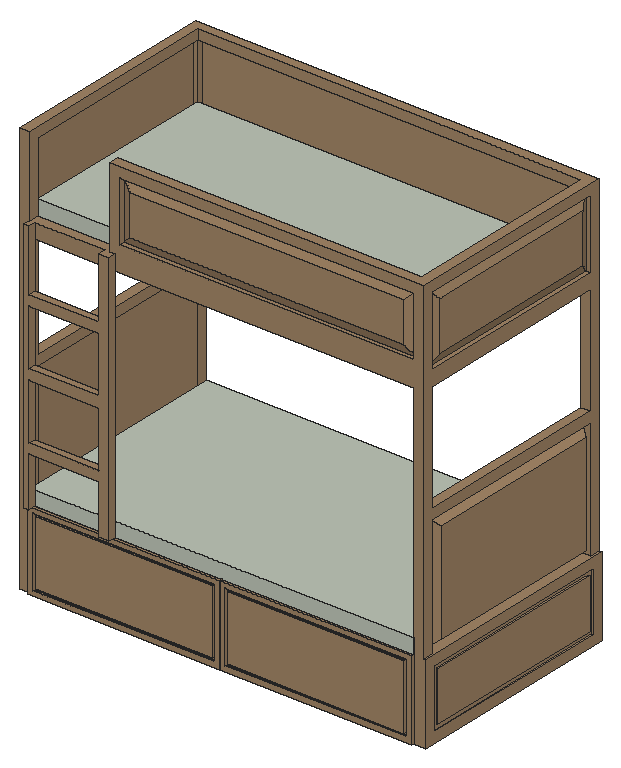
Revit family
Parameters
  SmartBIM Object Version = 3  # constant formula
  Top Bunk Level = 48"
  Subcategory = "Bed - Residential\r\n"
  SmartBIM Object Created By = "Reed Construction Data"  # constant formula
  Manufacturer = ""
  Ladder Width = 18"
  Mattress = Textile, White
  Bed = Wood, Mahogany
  Width = 81"
  Bottom Bunk Height = 16"
  Depth = 44"
  Assembly Code = "E2020200"
  95 CSI = "12450"
  04 CSI = "12 58 29"
Reference planes (in)
  plane 1 "Center (Front/Back)": y = 0
  plane 2: z = 0
  plane 3 "Center (Left/Right)": x = 0
  plane 4: x = -40.5
  plane 5: y = 22
  plane 6: x = 40.5
  plane 7: y = -22
  plane 8: z = 16
  plane 9: x = -22.5
  plane 10: z = 8
  plane 11: x = -38.5
  plane 12: x = 38.5
  plane 13: y = 20
  plane 14: y = -20
  plane 15: y = -22.5
  plane 16: x = 41
  plane 17: z = 64
  plane 18: z = 83
  plane 19: z = 67
  plane 20: z = 40.33333
  plane 21: z = 53.66667
  plane 22: z = 27
  plane 23: x = 38.5
  plane 24: z = 27
  plane 25: z = 40
Forms (in)
  Extrusion 1, solid, material "Wood, Mahogany" <- "Bed"
    sketch origin (0, 0, 0) x (1, 0, 0) y (0, 1, 0)
      loop
        line (-40.5, 22) -> (-40.5, 20) -> (-38.5, 20) -> (-38.5, 22) -> (-40.5, 22)
      loop
        line (-40.5, -22) -> (-38.5, -22) -> (-38.5, -20) -> (-40.5, -20) -> (-40.5, -22)
      loop
        line (38.5, -22) -> (40.5, -22) -> (40.5, -20) -> (38.5, -20) -> (38.5, -22)
      loop
        line (38.5, 22) -> (38.5, 20) -> (40.5, 20) -> (40.5, 22) -> (38.5, 22)
    from 0 to 83
  Extrusion 2, solid, material "Wood, Mahogany" <- "Bed"
    sketch origin (0, 0, 0) x (1, 0, 0) y (0, 1, 0)
      loop
        line (-38.5, 22) -> (-38.5, 20) -> (-40.5, 20) -> (-40.5, -20) -> (-38.5, -20) -> (-38.5, -22) -> (38.5, -22) -> (38.5, -20) -> (40.5, -20) -> (40.5, 20) -> (38.5, 20) -> (38.5, 22) -> (-38.5, 22)
    from 0 to 16
  Extrusion 3, solid, material "Wood, Mahogany" <- "Bed"
    sketch origin (1, -180, 18) x (0, 0, 1) y (0, -1, 0)
      loop
        line (-2, -202) -> (-2, -158) -> (-18, -158) -> (-18, -202) -> (-2, -202)
      loop
        line (-16, -200) -> (-4, -200) -> (-4, -160) -> (-16, -160) -> (-16, -200)
    from 40 to 37.5
  Extrusion 4, solid, material "Wood, Mahogany" <- "Bed"
    sketch origin (17.5, -180, 18) x (0, 0, 1) y (0, -1, 0)
      loop
        line (-5, -199) -> (-5, -161) -> (-15, -161) -> (-15, -199) -> (-5, -199)
    from 22.5 to 23.5
  Extrusion 5, solid, material "Textile, White" <- "Mattress"
    sketch origin (0, 0, 0) x (1, 0, 0) y (0, 1, 0)
      loop
        line (-38.5, 22) -> (-38.5, -22) -> (38.5, -22) -> (38.5, 22) -> (-38.5, 22)
    from 16 to 19
  Extrusion 6, solid, material "Wood, Mahogany" <- "Bed"
    sketch origin (0, 0, 0) x (1, 0, 0) y (0, 1, 0)
      loop
        line (-40.5, 22) -> (-40.5, -22) -> (40.5, -22) -> (40.5, 22) -> (-40.5, 22)
    from 64 to 67
  Extrusion 7, solid, material "Textile, White" <- "Mattress"
    sketch origin (0, 0, 32) x (1, 0, 0) y (0, 1, 0)
      loop
        line (-38.5, -20) -> (38.5, -20) -> (38.5, 20) -> (-38.5, 20) -> (-38.5, -20)
    from 35 to 38
  Extrusion 8, solid, material "Wood, Mahogany" <- "Bed"
    sketch origin (-30.98761, -22, 48) x (-1, 0, 0) y (0, 0, -1)
      loop
        line (9.51239, 8) -> (7.51239, 8) -> (7.51239, 6) -> (9.51239, 6) -> (9.51239, 8)
      loop
        line (-71.48761, 8) -> (-71.48761, 6) -> (-69.48761, 6) -> (-69.48761, 8) -> (-71.48761, 8)
    from -44 to 0
  Extrusion 9, solid, material "Wood, Mahogany" <- "Bed"
    sketch origin (-30.98761, -22, 48) x (-1, 0, 0) y (0, 0, -1)
      loop
        line (9.51239, -35) -> (9.51239, -33) -> (7.51239, -33) -> (7.51239, -35) -> (9.51239, -35)
      loop
        line (-71.48761, -35) -> (-69.48761, -35) -> (-69.48761, -33) -> (-71.48761, -33) -> (-71.48761, -35)
    from -42 to -2
  Extrusion 10, solid, material "Wood, Mahogany" <- "Bed"
    sketch origin (-30.98761, -22, 48) x (-1, 0, 0) y (0, 0, -1)
      loop
        line (-8.48761, -19) -> (-71.48761, -19) -> (-71.48761, -35) -> (-8.48761, -35) -> (-8.48761, -19)
      loop
        line (-10.48761, -33) -> (-10.48761, -21) -> (-69.48761, -21) -> (-69.48761, -33) -> (-10.48761, -33)
    from -2 to 0
  Blend 11, solid, material "Wood, Mahogany" <- "Bed"
    base sketch origin (-30.98761, -22, 48) x (-1, 0, 0) y (0, 0, -1)
      loop
        line (-10.48761, -21) -> (-69.48761, -21) -> (-69.48761, -33) -> (-10.48761, -33) -> (-10.48761, -21)
    top sketch origin (-30.98761, -22, 48) x (-1, 0, 0) y (0, 0, -1)
      loop
        line (-12.48761, -31) -> (-12.48761, -23) -> (-67.48761, -23) -> (-67.48761, -31) -> (-12.48761, -31)
    from -1 to 0
  Extrusion 12, solid, material "Wood, Mahogany" <- "Bed"
    sketch origin (-30.98761, -22, 48) x (-1, 0, 0) y (0, 0, -1)
      loop
        line (9.51239, -35) -> (9.51239, -19) -> (-71.48761, -19) -> (-71.48761, -35) -> (9.51239, -35)
      loop
        line (-69.48761, -33) -> (7.51239, -33) -> (7.51239, -21) -> (-69.48761, -21) -> (-69.48761, -33)
    from -44 to -42
  Blend 13, solid, material "Wood, Mahogany" <- "Bed"
    base sketch origin (-30.98761, -22, 48) x (-1, 0, 0) y (0, 0, -1)
      loop
        line (7.51239, -21) -> (-69.48761, -21) -> (-69.48761, -33) -> (7.51239, -33) -> (7.51239, -21)
    top sketch origin (-30.98761, -22, 48) x (-1, 0, 0) y (0, 0, -1)
      loop
        line (-67.48761, -31) -> (5.51239, -31) -> (5.51239, -23) -> (-67.48761, -23) -> (-67.48761, -31)
    from -43 to -44
  Blend 14, solid, material "Wood, Mahogany" <- "Bed"
    base sketch origin (1, -180, 18) x (0, 0, 1) y (0, -1, 0)
      loop
        line (49, -200) -> (63, -200) -> (63, -160) -> (49, -160) -> (49, -200)
    top sketch origin (1, -180, 18) x (0, 0, 1) y (0, -1, 0)
      loop
        line (61, -198) -> (61, -162) -> (51, -162) -> (51, -198) -> (61, -198)
    from 38.5 to 39.5
  Blend 15, solid, material "Wood, Mahogany" <- "Bed"
    base sketch origin (-1, -180, 18) x (0, 0, 1) y (0, 1, 0)
      loop
        line (49, 200) -> (49, 160) -> (63, 160) -> (63, 200) -> (49, 200)
    top sketch origin (-1, -180, 18) x (0, 0, 1) y (0, 1, 0)
      loop
        line (61, 198) -> (51, 198) -> (51, 162) -> (61, 162) -> (61, 198)
    from 38.5 to 39.5
  Blend 16, solid, material "Wood, Mahogany" <- "Bed"
    base sketch origin (1, -180, 18) x (0, 0, 1) y (0, -1, 0)
      loop
        line (-2, -200) -> (22, -200) -> (22, -160) -> (-2, -160) -> (-2, -200)
    top sketch origin (1, -180, 18) x (0, 0, 1) y (0, -1, 0)
      loop
        line (20.33333, -198) -> (20.33333, -162) -> (0, -162) -> (0, -198) -> (20.33333, -198)
    from -39.5 to -41.5
  Extrusion 17, solid, material "Wood, Mahogany" <- "Bed"
    sketch origin (-30.98761, -22, 48) x (-1, 0, 0) y (0, 0, -1)
      loop
        line (-7.48761, 32) -> (-9.48761, 32) -> (-9.48761, -19) -> (-7.48761, -19) -> (-7.48761, -6.66667) -> (6.51239, -6.66667) -> (6.51239, -19) -> (7.51239, -19) -> (7.51239, 32) -> (6.51239, 32) -> (6.51239, 22) -> (-7.48761, 22) -> (-7.48761, 32)
      loop
        line (6.51239, 6.66667) -> (-7.48761, 6.66667) -> (-7.48761, -4.66667) -> (6.51239, -4.66667) -> (6.51239, 6.66667)
      loop
        line (6.51239, 20) -> (-7.48761, 20) -> (-7.48761, 8.66667) -> (6.51239, 8.66667) -> (6.51239, 20)
    from 0 to 1.5
  Blend 18, solid, material "Wood, Mahogany" <- "Bed"
    base sketch origin (-16, -180, 18) x (0, 0, 1) y (0, 1, 0)
      loop
        line (-2, 200) -> (-2, 160) -> (22, 160) -> (22, 200) -> (-2, 200)
    top sketch origin (-16, -180, 18) x (0, 0, 1) y (0, 1, 0)
      loop
        line (20.33333, 198) -> (0, 198) -> (0, 162) -> (20.33333, 162) -> (20.33333, 198)
    from -54.5 to -57
  Extrusion 19, solid, material "Wood, Mahogany" <- "Bed"
    sketch origin (-30.98761, -22, 48) x (-1, 0, 0) y (0, 0, -1)
      loop
        line (-30.98761, 32) -> (-30.98761, 48) -> (-69.48761, 48) -> (-69.48761, 32) -> (-30.98761, 32)
      loop
        line (-31.98761, 33) -> (-31.98761, 47) -> (-68.48761, 47) -> (-68.48761, 33) -> (-31.98761, 33)
    from 0 to 0.5
  Extrusion 20, solid, material "Wood, Mahogany" <- "Bed"
    sketch origin (-30.98761, -22, 48) x (-1, 0, 0) y (0, 0, -1)
      loop
        line (-32.48761, 46.5) -> (-67.98761, 46.5) -> (-67.98761, 33.5) -> (-32.48761, 33.5) -> (-32.48761, 46.5)
    from 0 to 0.5
  Extrusion 21, solid, material "Wood, Mahogany" <- "Bed"
    sketch origin (-73.98761, -22, 48) x (-1, 0, 0) y (0, 0, -1)
      loop
        line (-35.48761, 32) -> (-35.48761, 48) -> (-73.98761, 48) -> (-73.98761, 32) -> (-35.48761, 32)
      loop
        line (-36.48761, 33) -> (-36.48761, 47) -> (-72.98761, 47) -> (-72.98761, 33) -> (-36.48761, 33)
    from 0 to 0.5
  Extrusion 22, solid, material "Wood, Mahogany" <- "Bed"
    sketch origin (-73.98761, -22, 48) x (-1, 0, 0) y (0, 0, -1)
      loop
        line (-36.98761, 46.5) -> (-72.48761, 46.5) -> (-72.48761, 33.5) -> (-36.98761, 33.5) -> (-36.98761, 46.5)
    from 0 to 0.5
Cuts and joins
  joined: Extrusion 1, Extrusion 2, Extrusion 3, Extrusion 4, Extrusion 6, Extrusion 8, Extrusion 9, Extrusion 10, Blend 11, Extrusion 12, Blend 13, Blend 14, Blend 15, Blend 16, Extrusion 17, Extrusion 19, Extrusion 20
Lines and regions (in)
  symbolic lines
    curve 1: line (-40.5, 22, 0) -> (-40.5, -22, 0)
    curve 2: line (41, 22, 0) -> (-40.5, 22, 0)
    curve 3: line (41, -22, 0) -> (41, 22, 0)
    curve 4: line (-40.5, -22, 0) -> (41, -22, 0)
    curve 5: line (-38.5, -22, 0) -> (-38.5, 22, 0)
    curve 6: line (39.5, 22, 0) -> (39.5, -22, 0)
    curve 7: line (-38.5, 21, 0) -> (39.5, 21, 0)
    curve 8: line (39.5, -21, 0) -> (-38.5, -21, 0)
    curve 9: line (-38.5, -23.5, 0) -> (-21.5, -23.5, 0)
    curve 10: line (-38.5, -22, 0) -> (-38.5, -23.5, 0)
    curve 11: line (-21.5, -23.5, 0) -> (-21.5, -22, 0)
    curve 12: line (-23.5, -22, 0) -> (-23.5, -23.5, 0)
    curve 13: line (-37.5, -23.5, 0) -> (-37.5, -22, 0)
    curve 14: line (-37.5, -22.5, 0) -> (-23.5, -22.5, 0)
  symbolic lines, style "FurnitureHiddenLines"
    curve 15: line (0, 21, 0) -> (0, -21, 0)
Dimensions and locks (in)
  equal spacing: plane 4, plane 3 "Center (Left/Right)", plane 6
  "Width": plane 4 to plane 6
  equal spacing: plane 5, plane 1 "Center (Front/Back)", plane 7
  "Depth": plane 5 to plane 7
  equal spacing: plane 8, plane 10, level
  locked: plane 4 to plane 11 at 2
  locked: plane 6 to plane 12 at 2
  locked: plane 5 to plane 13 at 2
  locked: plane 7 to plane 14 at 2
  locked: plane 7 to plane 15 at 0.5
  locked: Extrusion 4 sketch curve to plane 8 at 3
  locked: plane 5 to Extrusion 4 sketch curve at 3
  locked: Extrusion 4 sketch curve to plane 7 at 3
  locked: Extrusion 4 sketch curve to level at 3
  locked: Extrusion 6 to plane 17 at 3
  locked: Extrusion 7 to plane 17 at 6  (x2)
  "Bottom Bunk Height": plane 8 to level
  locked: Extrusion 5 to plane 8 at 3
  "Top Bunk Level": plane 17 to plane 8
  locked: plane 12 to plane 16 at 2.5
  locked: Extrusion 8 sketch curve to Extrusion 8 sketch curve at 2  (x2)
  locked: cut or joined group 1 (Extrusion 1, Extrusion 2, Extrusion 3, Extrusion 4, Extrusion 6, Extrusion 8, Extrusion 9, Extrusion 10, Blend 11, Extrusion 12, Blend 13, Blend 14, Blend 15, Blend 16, Extrusion 17, Extrusion 19, Extrusion 20) to Extrusion 9 sketch curve at 2  (x2)
  locked: Extrusion 7 to Extrusion 7 at 3
  locked: plane 18 to plane 17 at 19
  "Ladder Width": plane 9 to plane 4
  locked: plane 19 to plane 17 at 3
  locked: plane 18 to Extrusion 10 sketch curve at 2
  locked: plane 9 to Extrusion 10 sketch curve at 2
  locked: plane 6 to Extrusion 10 sketch curve at 2
  locked: Extrusion 10 sketch curve to plane 19 at 2
  locked: Blend 11 to Blend 11 at 1
  locked: Extrusion 12 to Extrusion 12 at 2
  locked: Blend 13 to Blend 13 at 1
  locked: Blend 14 to Blend 14 at 1
  locked: Blend 15 to Blend 15 at 1
  locked: Blend 16 to Blend 16 at 2
  equal spacing: Extrusion 17 sketch curve, plane 21, Extrusion 17 sketch curve
  equal spacing: Extrusion 17 sketch curve, plane 20, Extrusion 17 sketch curve
  equal spacing: Extrusion 17 sketch curve, plane 22, Extrusion 17 sketch curve
  equal spacing: Extrusion 17 sketch curve, plane 9, Extrusion 17 sketch curve
  locked: plane 4 to Extrusion 17 sketch curve at 3  (x2)
  locked: Extrusion 17 sketch curve to Extrusion 17 sketch curve at 2  (x7)
  locked: Extrusion 17 to plane 7 at 1.5
  locked: Extrusion 3 sketch curve to plane 8 at 2
  plane 5 to plane 13 = 2"
  plane 23 to Extrusion 19 to Extrusion 19 = 1", 36 1/2"
  locked: Extrusion 19 to Extrusion 20 sketch curve at 0.5  (x3)
  locked: Extrusion 20 sketch curve to Extrusion 19 at 0.5
  locked: Extrusion 19 sketch curve to Extrusion 19 sketch curve at 1  (x4)
  locked: cut or joined group 1 to cut or joined group 1 at 1
  locked: cut or joined group 1 to cut or joined group 1 at 2.5
  equal spacing: plane 19, plane 21, plane 20, plane 22
  locked: plane 24 to plane 8 at 11
  locked: Extrusion 21 to Extrusion 22 sketch curve at 0.5  (x3)
  locked: Extrusion 22 sketch curve to Extrusion 21 at 0.5
  locked: Extrusion 21 sketch curve to Extrusion 21 sketch curve at 1  (x4)
  equal spacing: plane 17, plane 25, plane 8
  locked: Blend 18 sketch curve to plane 25 at 1.66667
  locked: Blend 16 sketch curve to plane 25 at 1.66667
  aligned and locked: level to plane 2
  aligned and locked: Extrusion 1 sketch curve to plane 5
  aligned and locked: Extrusion 1 sketch curve to plane 13
  aligned and locked: Extrusion 1 sketch curve to plane 4
  aligned and locked: Extrusion 1 sketch curve to plane 11
  aligned and locked: plane 14 to Extrusion 1 sketch curve
  aligned and locked: plane 7 to Extrusion 1 sketch curve
  aligned and locked: plane 12 to Extrusion 1 sketch curve
  aligned and locked: plane 6 to Extrusion 1 sketch curve
  aligned and locked: Extrusion 2 sketch curve to plane 5
  aligned and locked: plane 6 to Extrusion 2 sketch curve
  aligned and locked: plane 7 to Extrusion 2 sketch curve
  aligned and locked: Extrusion 2 sketch curve to plane 4
  aligned and locked: plane 8 to Extrusion 2
  aligned and locked: Extrusion 2 sketch curve to plane 13  (x2)
  aligned and locked: Extrusion 2 sketch curve to plane 11  (x2)
  aligned and locked: plane 12 to Extrusion 2 sketch curve  (x2)
  aligned and locked: plane 14 to Extrusion 2 sketch curve  (x2)
  aligned and locked: plane 8 to Extrusion 3 sketch curve
  aligned and locked: plane 5 to Extrusion 3 sketch curve
  aligned and locked: level to Extrusion 3 sketch curve
  aligned and locked: Extrusion 3 sketch curve to plane 7
  aligned and locked: Extrusion 5 to plane 8
  aligned and locked: Extrusion 5 sketch curve to plane 5
  aligned and locked: plane 7 to Extrusion 5 sketch curve
  aligned and locked: Extrusion 6 sketch curve to plane 5
  aligned and locked: Extrusion 6 sketch curve to plane 4
  aligned and locked: plane 7 to Extrusion 6 sketch curve
  aligned and locked: plane 6 to Extrusion 6 sketch curve
  aligned and locked: Extrusion 6 to plane 17
  aligned and locked: Extrusion 8 sketch curve to plane 4
  aligned and locked: plane 11 to Extrusion 8 sketch curve
  aligned and locked: plane 5 to Extrusion 8
  aligned and locked: plane 7 to Extrusion 8
  aligned and locked: Extrusion 9 sketch curve to cut or joined group 1  (x4)
  aligned and locked: cut or joined group 1 to Extrusion 9 sketch curve  (x2)
  aligned and locked: plane 13 to Extrusion 9
  aligned and locked: plane 14 to Extrusion 9
  aligned and locked: Extrusion 7 to cut or joined group 1
  aligned and locked: plane 18 to cut or joined group 1
  aligned and locked: plane 14 to Extrusion 7 sketch curve
  aligned and locked: Extrusion 7 sketch curve to plane 13
  aligned and locked: Extrusion 7 sketch curve to plane 11
  aligned and locked: plane 12 to Extrusion 7 sketch curve
  aligned and locked: plane 19 to cut or joined group 1
  aligned and locked: Extrusion 10 sketch curve to plane 19
  aligned and locked: plane 6 to Extrusion 10 sketch curve
  aligned and locked: Extrusion 10 sketch curve to plane 18
  aligned and locked: Extrusion 10 sketch curve to plane 9
  aligned and locked: Extrusion 10 to plane 14
  aligned and locked: plane 7 to Extrusion 10
  aligned and locked: Blend 11 sketch curve to cut or joined group 1  (x3)
  aligned and locked: cut or joined group 1 to Blend 11 sketch curve
  aligned and locked: plane 7 to Blend 11
  aligned and locked: Extrusion 12 sketch curve to plane 18
  aligned and locked: plane 4 to Extrusion 12 sketch curve
  aligned and locked: plane 6 to Extrusion 12 sketch curve
  aligned and locked: Extrusion 12 sketch curve to plane 19
  aligned and locked: plane 5 to Extrusion 12
  aligned and locked: cut or joined group 1 to Blend 13 sketch curve  (x2)
  aligned and locked: Blend 13 sketch curve to cut or joined group 1  (x2)
  aligned and locked: plane 5 to Blend 13
  aligned and locked: plane 13 to Blend 14 sketch curve
  aligned and locked: Blend 14 sketch curve to plane 14
  aligned and locked: plane 19 to Blend 14 sketch curve
  aligned and locked: Blend 14 sketch curve to cut or joined group 1
  aligned and locked: Blend 15 sketch curve to cut or joined group 1  (x3)
  aligned and locked: Blend 15 sketch curve to plane 13
  aligned and locked: plane 8 to Blend 16 sketch curve
  aligned and locked: plane 13 to Blend 16 sketch curve
  aligned and locked: Blend 16 sketch curve to plane 14
  aligned and locked: plane 4 to Blend 15
  aligned and locked: Blend 15 to cut or joined group 1
  aligned and locked: Extrusion 17 sketch curve to plane 11
  aligned and locked: Extrusion 17 to plane 7
  aligned and locked: Extrusion 17 sketch curve to plane 19  (x2)
  aligned and locked: Blend 18 to plane 16
  aligned and locked: Blend 18 to plane 12
  aligned and locked: plane 12 to Extrusion 19 sketch curve
  aligned and locked: Extrusion 19 sketch curve to level
  aligned and locked: Extrusion 19 sketch curve to plane 8
  aligned and locked: Extrusion 19 to plane 7
  aligned and locked: plane 15 to Extrusion 19
  aligned and locked: Extrusion 20 to plane 7
  aligned and locked: plane 15 to Extrusion 20
  aligned and locked: plane 4 to cut or joined group 1
  aligned and locked: plane 6 to cut or joined group 1  (x2)
  aligned and locked: cut or joined group 1 to plane 16
  aligned and locked: plane 24 to plane 22
  aligned and locked: Extrusion 17 sketch curve to plane 8  (x2)
  aligned and locked: Extrusion 19 sketch curve to plane 3 "Center (Left/Right)"
  aligned and locked: Extrusion 21 sketch curve to plane 8
  aligned and locked: plane 11 to Extrusion 21 sketch curve
  aligned and locked: plane 3 "Center (Left/Right)" to Extrusion 21 sketch curve
  aligned and locked: Extrusion 21 sketch curve to level
  aligned and locked: Extrusion 21 to plane 7
  aligned and locked: plane 15 to Extrusion 21
  aligned and locked: Extrusion 22 to plane 7
  aligned and locked: plane 15 to Extrusion 22
  aligned and locked: plane 25 to Blend 18 sketch curve
  aligned and locked: plane 25 to Blend 16 sketch curve
  aligned and locked: Extrusion 8 sketch curve to plane 25  (x2)
  aligned and locked: curve 1 to cut or joined group 1
  aligned and locked: curve 2 to cut or joined group 1
  aligned and locked: curve 3 to Blend 18
  aligned and locked: curve 4 to cut or joined group 1
  aligned and locked: curve 5 to cut or joined group 1
  aligned and locked: curve 6 to cut or joined group 1
  aligned and locked: curve 7 to cut or joined group 1
  aligned and locked: curve 8 to cut or joined group 1
  aligned and locked: curve 9 to cut or joined group 1
  aligned and locked: curve 10 to cut or joined group 1
  aligned and locked: curve 11 to cut or joined group 1
  aligned and locked: curve 12 to cut or joined group 1
  aligned and locked: curve 13 to cut or joined group 1
  aligned and locked: Extrusion 21 to curve 14
  aligned and locked: curve 12 to curve 14
  aligned and locked: curve 13 to curve 14
  aligned and locked: curve 4 to curve 3
  aligned and locked: curve 2 to curve 6
  aligned and locked: curve 6 to curve 8
  aligned and locked: curve 5 to curve 8
  aligned and locked: curve 15 to plane 3 "Center (Left/Right)"
  aligned and locked: curve 7 to curve 15
  aligned and locked: curve 8 to curve 15
  aligned and locked: cut or joined group 1 to plane 12
Automatic sketch dimensions
  Extrusion 1 sketch curve to plane 4 = 0"
  Extrusion 1 sketch curve to plane 11 = 0"
  Extrusion 1 sketch curve to plane 12 = 0"
  Extrusion 1 sketch curve to plane 5 = 0"
  Extrusion 1 sketch curve to plane 6 = 0"
  Extrusion 1 sketch curve to plane 7 = 0"
  Extrusion 1 sketch curve to plane 14 = 0"
  Extrusion 1 sketch curve to plane 13 = 0"
  Extrusion 3 sketch curve to plane 14 = 0"
  Extrusion 3 sketch curve to plane 13 = 0"
  level to Extrusion 3 sketch curve = 2"
  Extrusion 5 sketch curve to plane 11 = 0"
  Extrusion 5 sketch curve to plane 12 = 0"
  Extrusion 8 sketch curve to plane 6 = 0"
  Extrusion 8 sketch curve to plane 12 = 0"
  plane 12 to Blend 11 sketch curve = 2"
  Blend 11 sketch curve to plane 9 = 4"
  Blend 11 sketch curve to plane 19 = 4"
  plane 18 to Blend 11 sketch curve = 4"
  Extrusion 12 sketch curve to plane 12 = 0"
  Extrusion 12 sketch curve to plane 11 = 0"
  Extrusion 12 sketch curve to plane 19 = 2"
  plane 18 to Extrusion 12 sketch curve = 2"
  plane 12 to Blend 13 sketch curve = 2"
  plane 11 to Blend 13 sketch curve = 2"
  Blend 13 sketch curve to plane 19 = 4"
  plane 18 to Blend 13 sketch curve = 4"
  plane 19 to Blend 14 sketch curve = 2"
  Blend 14 sketch curve to plane 14 = 2"
  Blend 14 sketch curve to plane 18 = 4"
  Blend 14 sketch curve to plane 13 = 2"
  plane 19 to Blend 15 sketch curve = 2"
  Blend 15 sketch curve to plane 14 = 2"
  Blend 15 sketch curve to plane 18 = 4"
  Blend 15 sketch curve to plane 13 = 2"
  plane 8 to Blend 16 sketch curve = 2"
  Blend 16 sketch curve to plane 13 = 2"
  Blend 16 sketch curve to plane 14 = 2"
  plane 11 to Extrusion 17 sketch curve = 1"  (x2)
  Blend 18 sketch curve to plane 8 = 0"
  Blend 18 sketch curve to plane 13 = 0"
  Blend 18 sketch curve to plane 14 = 0"
  plane 8 to Blend 18 sketch curve = 2"
  Blend 18 sketch curve to plane 14 = 2"
  Blend 18 sketch curve to plane 13 = 2"
  curve 5 to plane 11 = 0"
  curve 9 to plane 11 = 0"
  curve 14 to plane 15 = 0"
  plane 12 to curve 7 = 1"
  curve 3 to plane 16 = 0"
  curve 13 to plane 11 = 1"
  curve 12 to plane 9 = 1"
  plane 9 to curve 9 = 1"
  plane 15 to curve 9 = 1"
  curve 8 to plane 7 = 1"
  curve 15 to plane 5 = 1"
